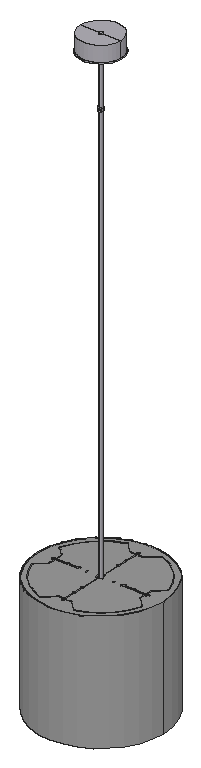
Revit family "Lighting - Lumetta - Pendant - EP51817", category Lighting Fixtures, host Ceiling, Revit 2015
Parameters
  EP51817 URL [instance] = "https://lumetta.com/luminaires/echo-18-pendant-2/"
  Wattage = 19.2793 W
  built-in parameter 1150110 = 1 (stored number, unit not read)
  URL = "https://lumetta.com/luminaires/echo-18-pendant-2/"
  Type Comments = "Echo 18'' Pendant"  # constant formula
  built-in parameter 1114217 = 1 (stored number, unit not read)
  Top Lens-Material [instance] = Acrylic - 2447 - White
  Top Lens [instance] = yes
  built-in parameter 1150109 = 1 (stored number, unit not read)
  built-in parameter 1150134 = (empty or 0)
  Suspension [instance] = 2
  built-in parameter 1150113 = 1 (stored number, unit not read)
  Stem Hung-ALL Lamping [instance] = Suspension = 2  # yes
  STD-NON_DIM [instance] = not([3-4-LED])  # yes
  Light Source Symbol Size = 0' - 1"
  Echo Diffuser Material-Bottom [instance] = EP5181701 Shell - D793 Kiwi - BTM
  Coupling-Stems Over 60 inches [instance] = and([Stem Hung-ALL Lamping], Fixture Drop > 5' 0")  # yes
  Model = "EP51817"  # constant formula
  Manufacturer = "Lumetta, Inc."  # constant formula
  Lumens = 2140 lm
  built-in parameter 1150115 = 1 (stored number, unit not read)
  built-in parameter 1150105 = 170.3 (stored number, unit not read)
  built-in parameter 1150137 = (empty or 0)
  built-in parameter 1150139 = (empty or 0)
  built-in parameter 1150112 = 1 (stored number, unit not read)
  built-in parameter 1150114 = 1 (stored number, unit not read)
  built-in parameter 1150132 = 2
  built-in parameter 1150102 = (empty or 0)
  built-in parameter 1150138 = (empty or 0)
  built-in parameter 1150107 = 3000 (stored number, unit not read)
  built-in parameter 1150106 = 1.703 (stored number, unit not read)
  Frame Finish [instance] = Paint - Lumetta - F02 - PC_Chrome
  Fixture Drop [instance] = 5' - 10"
  built-in parameter 1150104 = 10.312 (stored number, unit not read)
  Dimming Lamp Color Temperature Shift = (empty or 0)
  Echo Diffuser Material-Sides [instance] = EP5181701 Shell - D793 Kiwi - Side
  Description = ""
  Cord [instance] = Suspension = 1  # no
  3-4-LED [instance] = and([3 or 4 Wire Dimming OR LED], Suspension = 1)  # no
  3 or 4 Wire Dimming OR LED [instance] = yes
  4 Cables [instance] = Suspension = 1  # no
  1CRD-4CBL-ALL Lamping [instance] = Suspension = 1  # no
  Cord Color [instance] = Cord, Black
  Color Filter = 16777215
  built-in parameter 1114218 = 1 (stored number, unit not read)
  built-in parameter 1150133 = 10 (stored number, unit not read)
Reference planes (in)
  plane 1 "Light Source Axis (F/B)": y = 0
  plane 2 "Ceiling": z = 96
  plane 3 "Light Source Axis (L/R)": x = 0
  plane 4 "Light Source Elevation": z = 23.5
  plane 5 "Fixture-Top": z = 26
  plane 6 "Fixture-Radius": x = 9
  plane 7 "Fixture-Height": z = 9
  plane 8: y = 0
Forms (in)
  Revolve 1, solid, material "Paint - Lumetta - F02 - PC_Chrome" <- "Frame Finish", visible <- "1CRD-4CBL-ALL Lamping"
    sketch origin (0, 0, 0) x (1, 0, 0) y (0, 0, 1)
      loop
        line (0, 96) -> (0, 95.4375) -> (3, 95.4375) -> (3, 95.5) -> (2.87509, 95.5) -> (2.87509, 96) -> (0, 96)
      axis (0, 96) -> (0, 95.4375)
    angle from 0 to 360
  Extrusion 2, void
    sketch origin (0, 0, 95.4375) x (0, -1, 0) y (1, 0, 0)
      loop
        circle (0, 0) r 0.25
      loop
        circle (0, 2.5) r 0.06274
      loop
        circle (-2.5, 0) r 0.06274
      loop
        circle (0, -2.5) r 0.06274
      loop
        circle (2.5, 0) r 0.06274
    from 0 to 0.06358
  Revolve 3, solid, material "EP5181701 Shell - D793 Kiwi - Side" <- "Echo Diffuser Material-Sides"
    sketch origin (0, 0, 0) x (1, 0, 0) y (0, 0, 1)
      loop
        line (9, 26) -> (9, 9) -> (9.06242, 9) -> (9.06242, 26) -> (9, 26)
      axis (0, 26) -> (0, 9)
    angle from 0 to 360
  Extrusion 4, solid, material "Paint - Lumetta - F02 - PC_Chrome" <- "Frame Finish", visible <- "Stem Hung-ALL Lamping"
    sketch origin (0, 0, 26) x (0, -1, 0) y (-1, 0, 0)
      loop
        circle (0, 0) r 0.25
    from 0.39106 to -70
  Revolve 5, solid, material "Paint - Lumetta - F02 - PC_Chrome" <- "Frame Finish", visible <- "Coupling-Stems Over 60 inches"
    sketch origin (0, 0, 0) x (1, 0, 0) y (0, 0, 1)
      loop
        line (0, 86.53023) -> (0, 86) -> (0.26233, 86)
        arc (0.26233, 86) -> (0.31307, 86.05074) -> (0.26233, 86.10149) r 0.05074
        arc (0.26233, 86.10149) -> (0.29304, 86.26499) -> (0.26243, 86.42851) r 0.45126
        arc (0.26243, 86.42851) -> (0.31329, 86.47937) -> (0.26243, 86.53023) r 0.05086
        line (0.26243, 86.53023) -> (0, 86.53023)
      axis (0, 86.53023) -> (0, 86)
    angle from 0 to 360
  Revolve 6, solid, material "Paint - Lumetta - F02 - PC_Chrome" <- "Frame Finish", visible <- "Stem Hung-ALL Lamping"
    sketch origin (0, 0, 0) x (1, 0, 0) y (0, 0, 1)
      loop
        line (0, 96) -> (0, 93.40625) -> (0.34988, 93.40625)
        arc (0.34988, 93.40625) -> (0.49124, 93.54417) -> (0.58115, 93.72) r 0.61026
        line (0.58115, 93.72) -> (3, 93.72) -> (3, 93.78) -> (2.875, 93.78) -> (2.875, 96) -> (0, 96)
      axis (0, 96) -> (0, 93.40625)
    angle from 0 to 360
  Extrusion 7, solid, material "Cord, Black" <- "Cord Color", visible <- "1CRD-4CBL-ALL Lamping"
    sketch origin (0, 0, 26) x (0, -1, 0) y (1, 0, 0)
      loop
        circle (0, 0) r 0.15674
    from -0.39106 to 70
  Revolve 8, solid, material "Paint - Lumetta - F02 - PC_Chrome" <- "Frame Finish", visible <- "STD-NON_DIM"
    sketch origin (0, 0, 0) x (1, 0, 0) y (0, 0, 1)
      loop
        line (0, 95.4375) -> (0, 94.87435) -> (0.28215, 94.87435) -> (0.37481, 95.4375) -> (0, 95.4375)
      axis (0, 95.4375) -> (0, 94.87435)
    angle from 0 to 360
  Revolve 9, solid, material "Paint - Lumetta - F02 - PC_Chrome" <- "Frame Finish", visible <- "3-4-LED"
    sketch origin (0, 0, 0) x (1, 0, 0) y (0, 0, 1)
      loop
        line (0, 95.4375) -> (0, 95.3765) -> (0.37481, 95.3765) -> (0.37481, 95.4375) -> (0, 95.4375)
      axis (0, 95.4375) -> (0, 95.3765)
    angle from 0 to 360
  Extrusion 10, solid, material "EP5181701 Shell - D793 Kiwi - BTM" <- "Echo Diffuser Material-Bottom"
    sketch origin (0, 0, 9) x (0, -1, 0) y (1, 0, 0)
      loop
        circle (0, 0) r 9
    from 0 to 0.125
  Extrusion 11, solid, material "Opaque - White"
    sketch origin (0, 0, 26) x (0, -1, 0) y (1, 0, 0)
      loop
        circle (0, 0) r 0.25
      loop
        circle (-2.25, 0) r 0.25
      loop
        circle (2.25, 0) r 0.25
      loop
        line (-0.83, 0.83) -> (-7.875, 0.83)
        arc (-7.875, 0.83) -> (-8.05178, 0.75678) -> (-8.125, 0.58) r 0.25
        line (-8.125, 0.58) -> (-8.125, -0.58)
        arc (-8.125, -0.58) -> (-8.05178, -0.75678) -> (-7.875, -0.83) r 0.25
        line (-7.875, -0.83) -> (-0.83, -0.83) -> (-0.83, -7.875)
        arc (-0.83, -7.875) -> (-0.75678, -8.05178) -> (-0.58, -8.125) r 0.25
        line (-0.58, -8.125) -> (0.58, -8.125)
        arc (0.58, -8.125) -> (0.75678, -8.05178) -> (0.83, -7.875) r 0.25
        line (0.83, -7.875) -> (0.83, -0.83) -> (7.875, -0.83)
        arc (7.875, -0.83) -> (8.05178, -0.75678) -> (8.125, -0.58) r 0.25
        line (8.125, -0.58) -> (8.125, 0.58)
        arc (8.125, 0.58) -> (8.05178, 0.75678) -> (7.875, 0.83) r 0.25
        line (7.875, 0.83) -> (0.83, 0.83) -> (0.83, 7.875)
        arc (0.83, 7.875) -> (0.75678, 8.05178) -> (0.58, 8.125) r 0.25
        line (0.58, 8.125) -> (-0.58, 8.125)
        arc (-0.58, 8.125) -> (-0.75678, 8.05178) -> (-0.83, 7.875) r 0.25
        line (-0.83, 7.875) -> (-0.83, 0.83)
      loop
        circle (0, 4.75) r 0.14063
      loop
        circle (-4.75, 0) r 0.14063
      loop
        circle (0, -4.75) r 0.14063
      loop
        circle (4.75, 0) r 0.14063
    from -0.26546 to -0.39106
  Extrusion 12, solid, material "Acrylic - 2447 - White" <- "Top Lens-Material", visible <- "Top Lens"
    sketch origin (0, 0, 26) x (0, -1, 0) y (1, 0, 0)
      loop
        circle (0, 1.9375) r 0.106
      loop
        circle (0, -1.9375) r 0.106
      loop
        arc (2.94541, 0.09375) -> (3.00247, 0.10753) -> (3.04694, 0.14583) r 0.125
        arc (3.04694, 0.14583) -> (3.25, 0.25) -> (3.45306, 0.14583) r 0.25
        arc (3.45306, 0.14583) -> (3.49753, 0.10753) -> (3.55459, 0.09375) r 0.125
        line (3.55459, 0.09375) -> (4.50998, 0.09375)
        arc (4.50998, 0.09375) -> (4.56047, 0.1044) -> (4.60236, 0.13455) r 0.125
        arc (4.60236, 0.13455) -> (4.75, 0.19975) -> (4.89764, 0.13455) r 0.19975
        arc (4.89764, 0.13455) -> (4.93953, 0.1044) -> (4.99002, 0.09375) r 0.125
        line (4.99002, 0.09375) -> (6.3125, 0.09375)
        arc (6.3125, 0.09375) -> (6.40089, 0.13036) -> (6.4375, 0.21875) r 0.125
        line (6.4375, 0.21875) -> (6.4375, 0.89645)
        arc (6.4375, 0.89645) -> (6.46129, 1.01604) -> (6.52903, 1.11742) r 0.3125
        line (6.52903, 1.11742) -> (7.74352, 2.3319)
        arc (7.74352, 2.3319) -> (7.79323, 2.42062) -> (7.78931, 2.52225) r 0.1875
        arc (7.78931, 2.52225) -> (5.78944, 5.78944) -> (2.52225, 7.78931) r 8.1875
        arc (2.52225, 7.78931) -> (2.42062, 7.79323) -> (2.3319, 7.74352) r 0.1875
        line (2.3319, 7.74352) -> (1.11742, 6.52903)
        arc (1.11742, 6.52903) -> (1.01604, 6.46129) -> (0.89645, 6.4375) r 0.3125
        line (0.89645, 6.4375) -> (0.21875, 6.4375)
        arc (0.21875, 6.4375) -> (0.13036, 6.40089) -> (0.09375, 6.3125) r 0.125
        line (0.09375, 6.3125) -> (0.09375, 4.99002)
        arc (0.09375, 4.99002) -> (0.1044, 4.93953) -> (0.13455, 4.89764) r 0.125
        arc (0.13455, 4.89764) -> (0.19975, 4.75) -> (0.13455, 4.60236) r 0.19975
        arc (0.13455, 4.60236) -> (0.1044, 4.56047) -> (0.09375, 4.50998) r 0.125
        line (0.09375, 4.50998) -> (0.09375, 3.55459)
        arc (0.09375, 3.55459) -> (0.10753, 3.49753) -> (0.14583, 3.45306) r 0.125
        arc (0.14583, 3.45306) -> (0, 3) -> (-0.14583, 3.45306) r 0.25
        arc (-0.14583, 3.45306) -> (-0.10753, 3.49753) -> (-0.09375, 3.55459) r 0.125
        line (-0.09375, 3.55459) -> (-0.09375, 4.50998)
        arc (-0.09375, 4.50998) -> (-0.1044, 4.56047) -> (-0.13455, 4.60236) r 0.125
        arc (-0.13455, 4.60236) -> (-0.19975, 4.75) -> (-0.13455, 4.89764) r 0.19975
        arc (-0.13455, 4.89764) -> (-0.1044, 4.93953) -> (-0.09375, 4.99002) r 0.125
        line (-0.09375, 4.99002) -> (-0.09375, 6.3125)
        arc (-0.09375, 6.3125) -> (-0.13036, 6.40089) -> (-0.21875, 6.4375) r 0.125
        line (-0.21875, 6.4375) -> (-0.89645, 6.4375)
        arc (-0.89645, 6.4375) -> (-1.01604, 6.46129) -> (-1.11742, 6.52903) r 0.3125
        line (-1.11742, 6.52903) -> (-2.3319, 7.74352)
        arc (-2.3319, 7.74352) -> (-2.42062, 7.79323) -> (-2.52225, 7.78931) r 0.1875
        arc (-2.52225, 7.78931) -> (-5.78944, 5.78944) -> (-7.78931, 2.52225) r 8.1875
        arc (-7.78931, 2.52225) -> (-7.79323, 2.42062) -> (-7.74352, 2.3319) r 0.1875
        line (-7.74352, 2.3319) -> (-6.52903, 1.11742)
        arc (-6.52903, 1.11742) -> (-6.46129, 1.01604) -> (-6.4375, 0.89645) r 0.3125
        line (-6.4375, 0.89645) -> (-6.4375, 0.21875)
        arc (-6.4375, 0.21875) -> (-6.40089, 0.13036) -> (-6.3125, 0.09375) r 0.125
        line (-6.3125, 0.09375) -> (-4.99002, 0.09375)
        arc (-4.99002, 0.09375) -> (-4.93953, 0.1044) -> (-4.89764, 0.13455) r 0.125
        arc (-4.89764, 0.13455) -> (-4.75, 0.19975) -> (-4.60236, 0.13455) r 0.19975
        arc (-4.60236, 0.13455) -> (-4.56047, 0.1044) -> (-4.50998, 0.09375) r 0.125
        line (-4.50998, 0.09375) -> (-3.55459, 0.09375)
        arc (-3.55459, 0.09375) -> (-3.49753, 0.10753) -> (-3.45306, 0.14583) r 0.125
        arc (-3.45306, 0.14583) -> (-3.25, 0.25) -> (-3.04694, 0.14583) r 0.25
        arc (-3.04694, 0.14583) -> (-3.00247, 0.10753) -> (-2.94541, 0.09375) r 0.125
        line (-2.94541, 0.09375) -> (-0.58547, 0.09375)
        arc (-0.58547, 0.09375) -> (-0.51421, 0.11605) -> (-0.46837, 0.175) r 0.125
        arc (-0.46837, 0.175) -> (0, 0.5) -> (0.46837, 0.175) r 0.5
        arc (0.46837, 0.175) -> (0.51421, 0.11605) -> (0.58547, 0.09375) r 0.125
        line (0.58547, 0.09375) -> (2.94541, 0.09375)
      loop
        arc (-3.04694, -0.14583) -> (-3.25, -0.25) -> (-3.45306, -0.14583) r 0.25
        arc (-3.45306, -0.14583) -> (-3.49753, -0.10753) -> (-3.55459, -0.09375) r 0.125
        line (-3.55459, -0.09375) -> (-4.50998, -0.09375)
        arc (-4.50998, -0.09375) -> (-4.56047, -0.1044) -> (-4.60236, -0.13455) r 0.125
        arc (-4.60236, -0.13455) -> (-4.75, -0.19975) -> (-4.89764, -0.13455) r 0.19975
        arc (-4.89764, -0.13455) -> (-4.93953, -0.1044) -> (-4.99002, -0.09375) r 0.125
        line (-4.99002, -0.09375) -> (-6.3125, -0.09375)
        arc (-6.3125, -0.09375) -> (-6.40089, -0.13036) -> (-6.4375, -0.21875) r 0.125
        line (-6.4375, -0.21875) -> (-6.4375, -0.89645)
        arc (-6.4375, -0.89645) -> (-6.46129, -1.01604) -> (-6.52903, -1.11742) r 0.3125
        line (-6.52903, -1.11742) -> (-7.74352, -2.3319)
        arc (-7.74352, -2.3319) -> (-7.79323, -2.42062) -> (-7.78931, -2.52225) r 0.1875
        arc (-7.78931, -2.52225) -> (-5.78944, -5.78944) -> (-2.52225, -7.78931) r 8.1875
        arc (-2.52225, -7.78931) -> (-2.42062, -7.79323) -> (-2.3319, -7.74352) r 0.1875
        line (-2.3319, -7.74352) -> (-1.11742, -6.52903)
        arc (-1.11742, -6.52903) -> (-1.01604, -6.46129) -> (-0.89645, -6.4375) r 0.3125
        line (-0.89645, -6.4375) -> (-0.21875, -6.4375)
        arc (-0.21875, -6.4375) -> (-0.13036, -6.40089) -> (-0.09375, -6.3125) r 0.125
        line (-0.09375, -6.3125) -> (-0.09375, -4.99002)
        arc (-0.09375, -4.99002) -> (-0.1044, -4.93953) -> (-0.13455, -4.89764) r 0.125
        arc (-0.13455, -4.89764) -> (-0.19975, -4.75) -> (-0.13455, -4.60236) r 0.19975
        arc (-0.13455, -4.60236) -> (-0.1044, -4.56047) -> (-0.09375, -4.50998) r 0.125
        line (-0.09375, -4.50998) -> (-0.09375, -3.55459)
        arc (-0.09375, -3.55459) -> (-0.10753, -3.49753) -> (-0.14583, -3.45306) r 0.125
        arc (-0.14583, -3.45306) -> (0, -3) -> (0.14583, -3.45306) r 0.25
        arc (0.14583, -3.45306) -> (0.10753, -3.49753) -> (0.09375, -3.55459) r 0.125
        line (0.09375, -3.55459) -> (0.09375, -4.50998)
        arc (0.09375, -4.50998) -> (0.1044, -4.56047) -> (0.13455, -4.60236) r 0.125
        arc (0.13455, -4.60236) -> (0.19975, -4.75) -> (0.13455, -4.89764) r 0.19975
        arc (0.13455, -4.89764) -> (0.1044, -4.93953) -> (0.09375, -4.99002) r 0.125
        line (0.09375, -4.99002) -> (0.09375, -6.3125)
        arc (0.09375, -6.3125) -> (0.13036, -6.40089) -> (0.21875, -6.4375) r 0.125
        line (0.21875, -6.4375) -> (0.89645, -6.4375)
        arc (0.89645, -6.4375) -> (1.01604, -6.46129) -> (1.11742, -6.52903) r 0.3125
        line (1.11742, -6.52903) -> (2.3319, -7.74352)
        arc (2.3319, -7.74352) -> (2.42062, -7.79323) -> (2.52225, -7.78931) r 0.1875
        arc (2.52225, -7.78931) -> (5.78944, -5.78944) -> (7.78931, -2.52225) r 8.1875
        arc (7.78931, -2.52225) -> (7.79323, -2.42062) -> (7.74352, -2.3319) r 0.1875
        line (7.74352, -2.3319) -> (6.52903, -1.11742)
        arc (6.52903, -1.11742) -> (6.46129, -1.01604) -> (6.4375, -0.89645) r 0.3125
        line (6.4375, -0.89645) -> (6.4375, -0.21875)
        arc (6.4375, -0.21875) -> (6.40089, -0.13036) -> (6.3125, -0.09375) r 0.125
        line (6.3125, -0.09375) -> (4.99002, -0.09375)
        arc (4.99002, -0.09375) -> (4.93953, -0.1044) -> (4.89764, -0.13455) r 0.125
        arc (4.89764, -0.13455) -> (4.75, -0.19975) -> (4.60236, -0.13455) r 0.19975
        arc (4.60236, -0.13455) -> (4.56047, -0.1044) -> (4.50998, -0.09375) r 0.125
        line (4.50998, -0.09375) -> (3.55459, -0.09375)
        arc (3.55459, -0.09375) -> (3.49753, -0.10753) -> (3.45306, -0.14583) r 0.125
        arc (3.45306, -0.14583) -> (3.25, -0.25) -> (3.04694, -0.14583) r 0.25
        arc (3.04694, -0.14583) -> (3.00247, -0.10753) -> (2.94541, -0.09375) r 0.125
        line (2.94541, -0.09375) -> (0.58547, -0.09375)
        arc (0.58547, -0.09375) -> (0.51421, -0.11605) -> (0.46837, -0.175) r 0.125
        arc (0.46837, -0.175) -> (0, -0.5) -> (-0.46837, -0.175) r 0.5
        arc (-0.46837, -0.175) -> (-0.51421, -0.11605) -> (-0.58547, -0.09375) r 0.125
        line (-0.58547, -0.09375) -> (-2.94541, -0.09375)
        arc (-2.94541, -0.09375) -> (-3.00247, -0.10753) -> (-3.04694, -0.14583) r 0.125
    from -0.13947 to 0
  Sweep 13, solid, visible <- "1CRD-4CBL-ALL Lamping"
    path origin (0, 0, 0) x (-1, 0, 0) y (0, 0, 1)
      loop
        line (2.5, 95.50108) -> (4.75, 25.73454)
    profile origin (-3.625, 0, 60.61781) x (-0.99948, 0, 0.032234) y (0, 1, 0)
      loop
        circle (0, 0) r 0.03083
  Extrusion 14, solid, material "Acrylic - 2447 - White"
    sketch origin (0, 0, 26) x (0, -1, 0) y (1, 0, 0)
      loop
        circle (0, 0) r 9
      loop
        arc (-6.875, 0.09375) -> (-6.96875, 0) -> (-6.875, -0.09375) r 0.09375
        line (-6.875, -0.09375) -> (-6.84375, -0.09375) -> (-6.84375, -0.125)
        arc (-6.84375, -0.125) -> (-6.75, -0.21875) -> (-6.65625, -0.125) r 0.09375
        line (-6.65625, -0.125) -> (-6.65625, 0.125)
        arc (-6.65625, 0.125) -> (-6.75, 0.21875) -> (-6.84375, 0.125) r 0.09375
        line (-6.84375, 0.125) -> (-6.84375, 0.09375) -> (-6.875, 0.09375)
      loop
        arc (-0.09375, -6.875) -> (0, -6.96875) -> (0.09375, -6.875) r 0.09375
        line (0.09375, -6.875) -> (0.09375, -6.84375) -> (0.125, -6.84375)
        arc (0.125, -6.84375) -> (0.21875, -6.75) -> (0.125, -6.65625) r 0.09375
        line (0.125, -6.65625) -> (-0.125, -6.65625)
        arc (-0.125, -6.65625) -> (-0.21875, -6.75) -> (-0.125, -6.84375) r 0.09375
        line (-0.125, -6.84375) -> (-0.09375, -6.84375) -> (-0.09375, -6.875)
      loop
        arc (6.875, -0.09375) -> (6.96875, 0) -> (6.875, 0.09375) r 0.09375
        line (6.875, 0.09375) -> (6.84375, 0.09375) -> (6.84375, 0.125)
        arc (6.84375, 0.125) -> (6.75, 0.21875) -> (6.65625, 0.125) r 0.09375
        line (6.65625, 0.125) -> (6.65625, -0.125)
        arc (6.65625, -0.125) -> (6.75, -0.21875) -> (6.84375, -0.125) r 0.09375
        line (6.84375, -0.125) -> (6.84375, -0.09375) -> (6.875, -0.09375)
      loop
        arc (0.09375, 6.875) -> (0, 6.96875) -> (-0.09375, 6.875) r 0.09375
        line (-0.09375, 6.875) -> (-0.09375, 6.84375) -> (-0.125, 6.84375)
        arc (-0.125, 6.84375) -> (-0.21875, 6.75) -> (-0.125, 6.65625) r 0.09375
        line (-0.125, 6.65625) -> (0.125, 6.65625)
        arc (0.125, 6.65625) -> (0.21875, 6.75) -> (0.125, 6.84375) r 0.09375
        line (0.125, 6.84375) -> (0.09375, 6.84375) -> (0.09375, 6.875)
      loop
        arc (-1.07322, -6.57322) -> (-0.99212, -6.51903) -> (-0.89645, -6.5) r 0.25
        line (-0.89645, -6.5) -> (0.89645, -6.5)
        arc (0.89645, -6.5) -> (0.99212, -6.51903) -> (1.07322, -6.57322) r 0.25
        line (1.07322, -6.57322) -> (2.28771, -7.78771)
        arc (2.28771, -7.78771) -> (2.406, -7.854) -> (2.5415, -7.84877) r 0.25
        arc (2.5415, -7.84877) -> (5.83363, -5.83363) -> (7.84877, -2.5415) r 8.25
        arc (7.84877, -2.5415) -> (7.854, -2.406) -> (7.78771, -2.28771) r 0.25
        line (7.78771, -2.28771) -> (6.57322, -1.07322)
        arc (6.57322, -1.07322) -> (6.51903, -0.99212) -> (6.5, -0.89645) r 0.25
        line (6.5, -0.89645) -> (6.5, 0.89645)
        arc (6.5, 0.89645) -> (6.51903, 0.99212) -> (6.57322, 1.07322) r 0.25
        line (6.57322, 1.07322) -> (7.78771, 2.28771)
        arc (7.78771, 2.28771) -> (7.854, 2.406) -> (7.84877, 2.5415) r 0.25
        arc (7.84877, 2.5415) -> (5.83363, 5.83363) -> (2.5415, 7.84877) r 8.25
        arc (2.5415, 7.84877) -> (2.406, 7.854) -> (2.28771, 7.78771) r 0.25
        line (2.28771, 7.78771) -> (1.07322, 6.57322)
        arc (1.07322, 6.57322) -> (0.99212, 6.51903) -> (0.89645, 6.5) r 0.25
        line (0.89645, 6.5) -> (-0.89645, 6.5)
        arc (-0.89645, 6.5) -> (-0.99212, 6.51903) -> (-1.07322, 6.57322) r 0.25
        line (-1.07322, 6.57322) -> (-2.28771, 7.78771)
        arc (-2.28771, 7.78771) -> (-2.406, 7.854) -> (-2.5415, 7.84877) r 0.25
        arc (-2.5415, 7.84877) -> (-5.83363, 5.83363) -> (-7.84877, 2.5415) r 8.25
        arc (-7.84877, 2.5415) -> (-7.854, 2.406) -> (-7.78771, 2.28771) r 0.25
        line (-7.78771, 2.28771) -> (-6.57322, 1.07322)
        arc (-6.57322, 1.07322) -> (-6.51903, 0.99212) -> (-6.5, 0.89645) r 0.25
        line (-6.5, 0.89645) -> (-6.5, -0.89645)
        arc (-6.5, -0.89645) -> (-6.51903, -0.99212) -> (-6.57322, -1.07322) r 0.25
        line (-6.57322, -1.07322) -> (-7.78771, -2.28771)
        arc (-7.78771, -2.28771) -> (-7.854, -2.406) -> (-7.84877, -2.5415) r 0.25
        arc (-7.84877, -2.5415) -> (-5.83363, -5.83363) -> (-2.5415, -7.84877) r 8.25
        arc (-2.5415, -7.84877) -> (-2.406, -7.854) -> (-2.28771, -7.78771) r 0.25
        line (-2.28771, -7.78771) -> (-1.07322, -6.57322)
    from 0 to -0.26546
  Sweep 15, solid, visible <- "1CRD-4CBL-ALL Lamping"
    path origin (0, 0, 0) x (0, 1, 0) y (0, 0, 1)
      loop
        line (2.5, 95.50108) -> (4.75, 25.73454)
    profile origin (0, 3.625, 60.61781) x (0, 0.99948, 0.032234) y (1, 0, 0)
      loop
        circle (0, 0) r 0.03083
  Sweep 16, solid, visible <- "1CRD-4CBL-ALL Lamping"
    path origin (0, 0, 0) x (1, 0, 0) y (0, 0, 1)
      loop
        line (2.5, 95.50108) -> (4.75, 25.73454)
    profile origin (3.625, 0, 60.61781) x (0.99948, 0, 0.032234) y (0, -1, 0)
      loop
        circle (0, 0) r 0.03083
  Sweep 17, solid, visible <- "1CRD-4CBL-ALL Lamping"
    path origin (0, 0, 0) x (0, -1, 0) y (0, 0, 1)
      loop
        line (2.5, 95.50108) -> (4.75, 25.73454)
    profile origin (0, -3.625, 60.61781) x (0, -0.99948, 0.032234) y (-1, 0, 0)
      loop
        circle (0, 0) r 0.03083
Dimensions and locks (in)
  equal spacing: host sketch curve, plane 3 "Light Source Axis (L/R)", host sketch curve
  equal spacing: host sketch curve, plane 1 "Light Source Axis (F/B)", host sketch curve
  host sketch curve to host sketch curve = 10' - 0"  (x2)
  "Fixture Drop": plane 2 "Ceiling" to plane 5 "Fixture-Top"
  locked: plane 5 "Fixture-Top" to plane 4 "Light Source Elevation" at 2.5
  locked: plane 6 "Fixture-Radius" to plane 3 "Light Source Axis (L/R)" at 9
  locked: plane 5 "Fixture-Top" to plane 7 "Fixture-Height" at 17
  locked: Extrusion 2 sketch curve to Extrusion 2 sketch curve at 2.5
  locked: Revolve 3 sketch curve to plane 6 "Fixture-Radius" at 0.06242
  locked: Extrusion 4 sketch curve to imposter light
  locked: Extrusion 4 sketch curve to imposter light at 0
  Revolve 5 sketch curve to Revolve 5 sketch curve = 0' - 0.15822"
  locked: Revolve 5 sketch curve to Revolve 3 at 60
  locked: Revolve 5 sketch curve to Revolve 5 sketch curve at 0.53023
  locked: Revolve 5 sketch curve to Revolve 5 sketch curve at 0.26243
  locked: Revolve 5 sketch curve to Revolve 5 sketch curve at 0.26233
  locked: Revolve 5 sketch curve to Revolve 5 sketch curve at 0.05074
  locked: Revolve 5 sketch curve to Revolve 5 sketch curve at 0.47937
  locked: Revolve 5 sketch curve to Revolve 5 sketch curve at 0.26512
  locked: Revolve 6 sketch curve to Revolve 6 sketch curve at 2.875
  locked: Revolve 6 sketch curve to Revolve 6 sketch curve at 0.31375
  locked: Revolve 1 sketch curve to Revolve 1 sketch curve at 0.0625
  locked: host ceiling to Revolve 1 sketch curve at 0.5625
  locked: Revolve 1 sketch curve to Revolve 1 sketch curve at 0.5625
  Revolve 1 sketch curve to Revolve 1 sketch curve = 0' - 2.87509"
  locked: Revolve 1 sketch curve to Revolve 1 sketch curve at 3
  locked: Revolve 1 sketch curve to Revolve 1 sketch curve at 2.87509
  locked: Revolve 8 sketch curve to Revolve 8 sketch curve at 0.37481
  locked: Revolve 8 sketch curve to Revolve 8 sketch curve at 0.28215
  locked: Revolve 1 to Revolve 8 sketch curve at 0.56315
  locked: Revolve 1 to Revolve 9 sketch curve at 0.061
  locked: plane 3 "Light Source Axis (L/R)" to Revolve 9 sketch curve at 0.37481
  locked: Extrusion 2 sketch curve to plane 3 "Light Source Axis (L/R)" at 2.5
  locked: plane 8 to Extrusion 2 sketch curve at 2.5
  locked: Extrusion 2 sketch curve to plane 8 at 2.5
  locked: Extrusion 10 sketch curve to plane 6 "Fixture-Radius" at 9
  locked: Revolve 3 to plane 7 "Fixture-Height" at 0
  locked: Extrusion 10 to plane 7 "Fixture-Height" at 0.125
  locked: Extrusion 12 to Extrusion 12 at 0.13947
  locked: plane 5 "Fixture-Top" to Extrusion 14 at 0.26546
  locked: Revolve 3 to plane 5 "Fixture-Top" at 0
  locked: plane 8 to Extrusion 11 sketch curve at 0
  Extrusion 11 sketch curve to plane 3 "Light Source Axis (L/R)" = 0' - 0"
  locked: Extrusion 11 sketch curve to plane 8 at 0
  locked: Extrusion 11 sketch curve to plane 3 "Light Source Axis (L/R)" at 0
  Extrusion 11 sketch curve to plane 3 "Light Source Axis (L/R)" = 0' - 8 1/8"
  locked: plane 8 to Extrusion 11 sketch curve at 8.125  (x2)
  locked: plane 3 "Light Source Axis (L/R)" to Extrusion 11 sketch curve at 8.125
  locked: plane 5 "Fixture-Top" to Extrusion 11 at 0.26546
  locked: Extrusion 11 to Extrusion 11 at 0.1256
  locked: Extrusion 14 sketch curve to plane 3 "Light Source Axis (L/R)" at 0  (x2)
  locked: Extrusion 14 sketch curve to plane 8 at 0  (x2)
  locked: Extrusion 12 sketch curve to plane 3 "Light Source Axis (L/R)" at 0  (x2)
  locked: Extrusion 12 sketch curve to plane 8 at 0  (x2)
  locked: Extrusion 11 sketch curve to plane 3 "Light Source Axis (L/R)"
  locked: Extrusion 11 sketch curve to Extrusion 11 sketch curve at 3.375  (x4)
  locked: Extrusion 10 sketch curve to Extrusion 10 sketch curve (radius 0' - 9")
  aligned and locked: plane 3 "Light Source Axis (L/R)" to imposter light
  aligned and locked: plane 1 "Light Source Axis (F/B)" to imposter light
  aligned and locked: plane 4 "Light Source Elevation" to imposter light
  aligned and locked: Revolve 3 sketch curve to plane 3 "Light Source Axis (L/R)"
  aligned and locked: Revolve 5 sketch curve to Revolve 5 sketch curve  (x2)
  aligned and locked: host ceiling to Extrusion 4
  aligned and locked: host ceiling to Extrusion 7
  aligned and locked: Extrusion 11 to Extrusion 4
  aligned and locked: Extrusion 11 to Extrusion 7
Automatic sketch dimensions
  Revolve 3 sketch curve to plane 6 "Fixture-Radius" = 0' - 0"
  Revolve 3 sketch curve to plane 7 "Fixture-Height" = 0' - 0"
  Revolve 3 sketch curve to plane 5 "Fixture-Top" = 0' - 0"
  plane 7 "Fixture-Height" to Revolve 3 sketch curve = 0' - 1 1/4"
  Revolve 3 sketch curve to plane 5 "Fixture-Top" = 0' - 2 1/4"
  Revolve 5 sketch curve to plane 3 "Light Source Axis (L/R)" = 0' - 0"
  Revolve 5 sketch curve to Revolve 5 sketch curve = 0' - 11.34317"
  Revolve 6 sketch curve to plane 3 "Light Source Axis (L/R)" = 0' - 0"  (x3)
  Revolve 6 sketch curve to plane 2 "Ceiling" = 0' - 0"
  plane 3 "Light Source Axis (L/R)" to Revolve 6 sketch curve = 0' - 0.34988"
  Revolve 6 sketch curve to Revolve 6 sketch curve = 0' - 0.23126"
  Revolve 6 sketch curve to Revolve 6 sketch curve = 0' - 0 1/8"
  Revolve 6 sketch curve to plane 2 "Ceiling" = 0' - 2 3/32"
  Revolve 6 sketch curve to Revolve 6 sketch curve = 0' - 0.06"
  plane 2 "Ceiling" to Revolve 6 sketch curve = 0' - 1 3/4"
  Revolve 6 sketch curve to Revolve 6 sketch curve = 0' - 2 1/2"
  plane 1 "Light Source Axis (F/B)" to Extrusion 7 sketch curve = 0' - 0"
  Extrusion 7 sketch curve to plane 3 "Light Source Axis (L/R)" = 0' - 0"
  Revolve 1 sketch curve to plane 3 "Light Source Axis (L/R)" = 0' - 0"  (x2)
  Revolve 1 sketch curve to plane 5 "Fixture-Top" = 0' - 1 1/4"
  Revolve 1 sketch curve to Revolve 1 sketch curve = 0' - 9 3/4"
  Revolve 8 sketch curve to plane 3 "Light Source Axis (L/R)" = 0' - 0"  (x2)
  Revolve 8 sketch curve to plane 2 "Ceiling" = 0' - 0 9/16"
  Revolve 8 sketch curve to Revolve 8 sketch curve = 0' - 1.18685"
  plane 2 "Ceiling" to Revolve 8 sketch curve = 0' - 6 11/16"
  Revolve 9 sketch curve to plane 3 "Light Source Axis (L/R)" = 0' - 0"  (x2)
  Revolve 9 sketch curve to Revolve 9 sketch curve = 0' - 0.061"
  Revolve 9 sketch curve to Revolve 9 sketch curve = 0' - 0.82606"
  Revolve 9 sketch curve to plane 2 "Ceiling" = 0' - 0 1/4"
  Extrusion 2 sketch curve to Revolve 1 = 0' - 0"  (x3)
  Extrusion 2 sketch curve to Extrusion 2 sketch curve = 0' - 0"  (x2)
  Extrusion 2 sketch curve to Extrusion 2 sketch curve = 0' - 2 1/2"
  plane 1 "Light Source Axis (F/B)" to Extrusion 10 sketch curve = 0' - 0"
  Sweep 13 sketch curve to profile plane = 0' - 0"
  profile plane to Sweep 13 sketch curve = 0' - 0"
  Extrusion 11 sketch curve to plane 3 "Light Source Axis (L/R)" = 0' - 0"  (x3)
  plane 1 "Light Source Axis (F/B)" to Extrusion 11 sketch curve = 0' - 0"
  Extrusion 11 sketch curve to plane 1 "Light Source Axis (F/B)" = 0' - 0.58"  (x2)
  Extrusion 11 sketch curve to Extrusion 11 sketch curve = 0' - 0 1/4"  (x4)
  Extrusion 11 sketch curve to plane 1 "Light Source Axis (F/B)" = 0' - 0.83"
  Extrusion 11 sketch curve to Extrusion 11 sketch curve = 0' - 1.42"  (x2)
  plane 1 "Light Source Axis (F/B)" to Extrusion 11 sketch curve = 0' - 0.58"  (x2)
  plane 1 "Light Source Axis (F/B)" to Extrusion 11 sketch curve = 0' - 0.83"
  Extrusion 11 sketch curve to Extrusion 11 sketch curve = 0' - 3 1/8"  (x2)
  Extrusion 11 sketch curve to plane 3 "Light Source Axis (L/R)" = 0' - 0.58"  (x2)
  plane 3 "Light Source Axis (L/R)" to Extrusion 11 sketch curve = 0' - 0.58"  (x2)
  Extrusion 12 sketch curve to Extrusion 12 sketch curve = 0' - 0"  (x73)
  Extrusion 12 sketch curve to Extrusion 12 sketch curve = 0' - 0.13258"  (x16)
  Extrusion 12 sketch curve to Extrusion 12 sketch curve = 0' - 0.99352"  (x4)
  Extrusion 12 sketch curve to Extrusion 12 sketch curve = 0' - 0.22097"  (x10)
  Extrusion 12 sketch curve to Extrusion 12 sketch curve = 0' - 0 5/16"
  Extrusion 12 sketch curve to Extrusion 12 sketch curve = 0' - 0 1/8"  (x30)
  Extrusion 12 sketch curve to Extrusion 12 sketch curve = 0' - 1.32248"  (x4)
  Extrusion 12 sketch curve to Extrusion 12 sketch curve = 0' - 0.24002"  (x8)
  Extrusion 12 sketch curve to Extrusion 12 sketch curve = 0' - 0.95539"  (x4)
  Extrusion 12 sketch curve to Extrusion 12 sketch curve = 0' - 0.30459"  (x6)
  Extrusion 12 sketch curve to Extrusion 12 sketch curve = 0' - 5.14645"  (x4)
  Extrusion 12 sketch curve to Extrusion 12 sketch curve = 0' - 1.21449"  (x8)
  Extrusion 12 sketch curve to Extrusion 12 sketch curve = 0' - 2.35994"  (x2)
  Extrusion 12 sketch curve to Extrusion 12 sketch curve = 0' - 0.6777"  (x11)
  Extrusion 12 sketch curve to Extrusion 12 sketch curve = 0' - 0.58547"  (x2)
  Extrusion 12 sketch curve to Extrusion 12 sketch curve = 0' - 0 3/32"  (x11)
  Extrusion 12 sketch curve to Extrusion 12 sketch curve = 0' - 0 3/16"  (x10)
  Extrusion 12 sketch curve to Extrusion 12 sketch curve = 0' - 0.09153"  (x4)
  Extrusion 12 sketch curve to Extrusion 12 sketch curve = 0' - 1.0819"  (x4)
  Extrusion 12 sketch curve to Extrusion 12 sketch curve = 0' - 1 5/16"  (x2)
  Extrusion 12 sketch curve to Extrusion 12 sketch curve = 0' - 1 23/32"  (x2)
  Extrusion 14 sketch curve to Extrusion 14 sketch curve = 0' - 0"  (x15)
  Extrusion 14 sketch curve to Extrusion 14 sketch curve = 0' - 0.17678"  (x24)
  Extrusion 14 sketch curve to Extrusion 14 sketch curve = 0' - 0.91271"  (x2)
  Extrusion 14 sketch curve to Extrusion 14 sketch curve = 0' - 0 1/32"  (x14)
  Extrusion 14 sketch curve to Extrusion 14 sketch curve = 0' - 0 3/32"  (x12)
  Extrusion 14 sketch curve to Extrusion 14 sketch curve = 0' - 0.07322"  (x5)
  Extrusion 14 sketch curve to Extrusion 14 sketch curve = 0' - 5.14645"  (x4)
  Extrusion 14 sketch curve to Extrusion 14 sketch curve = 0' - 1.21449"  (x8)
  Extrusion 14 sketch curve to Extrusion 14 sketch curve = 0' - 0.77145"  (x8)
  Extrusion 14 sketch curve to Extrusion 14 sketch curve = 0' - 0.89645"
  Extrusion 14 sketch curve to Extrusion 14 sketch curve = 0' - 6 1/2"  (x3)
  Extrusion 14 sketch curve to Extrusion 14 sketch curve = 0' - 0 5/32"
  Extrusion 14 sketch curve to Extrusion 14 sketch curve = 0' - 0 1/4"
  Extrusion 14 sketch curve to Extrusion 14 sketch curve = 0' - 1.03771"  (x4)
  Sweep 13 sketch curve to plane 2 "Ceiling" = 0' - 0.49892"
  Sweep 13 sketch curve to plane 3 "Light Source Axis (L/R)" = 0' - 2 1/2"
  plane 5 "Fixture-Top" to Sweep 13 sketch curve = 0' - 0.26546"
  Sweep 13 sketch curve to plane 3 "Light Source Axis (L/R)" = 0' - 4 3/4"
  Sweep 15 sketch curve to plane 2 "Ceiling" = 0' - 0.49892"
  Sweep 15 sketch curve to plane 1 "Light Source Axis (F/B)" = 0' - 2 1/2"
  plane 5 "Fixture-Top" to Sweep 15 sketch curve = 0' - 0.26546"
  Sweep 15 sketch curve to plane 1 "Light Source Axis (F/B)" = 0' - 4 3/4"
  Sweep 15 sketch curve to profile plane = 0' - 0"  (x2)
  Sweep 16 sketch curve to plane 2 "Ceiling" = 0' - 0.49892"
  plane 3 "Light Source Axis (L/R)" to Sweep 16 sketch curve = 0' - 2 1/2"
  plane 5 "Fixture-Top" to Sweep 16 sketch curve = 0' - 0.26546"
  Sweep 16 sketch curve to plane 6 "Fixture-Radius" = 0' - 4 1/4"
  Sweep 16 sketch curve to profile plane = 0' - 0"  (x2)
  Sweep 17 sketch curve to plane 2 "Ceiling" = 0' - 0.49892"
  plane 1 "Light Source Axis (F/B)" to Sweep 17 sketch curve = 0' - 2 1/2"
  plane 5 "Fixture-Top" to Sweep 17 sketch curve = 0' - 0.26546"
  plane 1 "Light Source Axis (F/B)" to Sweep 17 sketch curve = 0' - 4 3/4"
  profile plane to Sweep 17 sketch curve = 0' - 0"
  Sweep 17 sketch curve to profile plane = 0' - 0"
  radius of Extrusion 4 sketch curve = 0' - 0 1/4"
  radius of Extrusion 7 sketch curve = 0' - 0.15674"
  radius of Extrusion 2 sketch curve = 0' - 0.06274"  (x4)
  radius of Extrusion 2 sketch curve = 0' - 0 1/4"
  radius of Sweep 13 sketch curve = 0' - 0.03083"
  radius of Extrusion 11 sketch curve = 0' - 0 1/4"  (x3)
  radius of Extrusion 11 sketch curve = 0' - 0 9/64"  (x4)
  radius of Extrusion 12 sketch curve = 0' - 0.106"  (x2)
  radius of Extrusion 14 sketch curve = 0' - 9"
  radius of Sweep 15 sketch curve = 0' - 0.03083"
  radius of Sweep 16 sketch curve = 0' - 0.03083"
  radius of Sweep 17 sketch curve = 0' - 0.03083"
